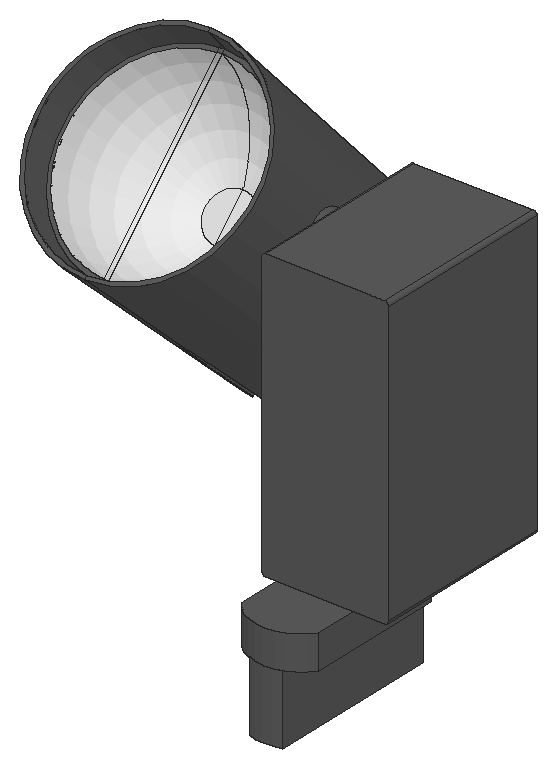
Revit family "0004884 Feilo Sylvania Lighting Fixture START TRACK SPOT S 14W 3K RA90 MB BLACK", category Lighting Fixtures, host Face, Revit 2017 (continued)
Definition of nested family "Start Track Spot Head"
  Types (96, lengths in mm): name | Wattage | built-in parameter 1150134 | Photometric Web File | Model | built-in parameter 1150105 | Lumens | built-in parameter 1150107 | built-in parameter 1150106 | HeadThickness_FEILO | HeadRibOffset_FEILO | HeadRibDepth_FEILO | HeadRibCutWidth_FEILO | HeadRibCutOffset_FEILO | HeadReflectorRadius_FEILO | HeadReflectorOffset_FEILO | HeadLEDRadius_FEILO | HeadHeight_FEILO | HeadDiffusorOffset_FEILO | HeadDiaOut_FEILO | HeadDiaIn_FEILO | HeadAxisFromTop_FEILO | Emit from Circle Diameter | built-in parameter 1150104 | Description | Apparent Load
    0004812 START TRACK SPOT S 14W 3K RA80 MB WHITE | 14 W | (empty or 0) | "0004812.ies" | "START TRACK SPOT S 14W 3K RA80 MB WHITE" | 120.32 (stored number, unit not read) | 1512 lm | 3000 (stored number, unit not read) | 1.2032 (stored number, unit not read) | 1.5 | 4.179 | 55.714 | 7.167 | 50.87 | 50.588 | 55.714 | 9.556 | 117 | 9.435 | 86 | 77.477 | 69.354 | 77.477 | 10.034 (stored number, unit not read) | "Integrated LED spotlight, Textured White - RAL9016, compact and minimalist design, ideal for retail applications, die-cast aluminium body, passive cooling heatsink. Beam angle: 36°, color temperature: 3000K , total system power: 14W, total fixture output: 1508 lm, LOR: 100%, colour rendering: Ra: 80 typical, LED Chromaticity: 3 step MacAdam ellipse, lifetime: >50000 hours at L70B50, energy class: A++, A+, A, IR/UV free light source without heat radiation, operating voltage: 220-240V / 50-60Hz, drive current: 350mA, electronic driver, non-dimmable, power factor: 0.92, electrical protection: Class II, Global Track 3 Phase adapter suitable for Global trac 3-circuit tracks, ingress protection rating: IP20, suitable for internal environment only, horizontal rotation: 355°, vertical tilt: 90°, dimensions: Ø86x140x200, weight: 0.940kg." | 14 VA
    0004811 START TRACK SPOT S 14W 3K RA80 NB WHITE | 14 W | (empty or 0) | "0004811.ies" | "START TRACK SPOT S 14W 3K RA80 NB WHITE" | 123.66 (stored number, unit not read) | 1554 lm | 3000 (stored number, unit not read) | 1.2366 (stored number, unit not read) | 1.5 | 4.179 | 55.714 | 7.167 | 50.87 | 50.588 | 55.714 | 9.556 | 117 | 9.435 | 86 | 77.477 | 69.354 | 77.477 | 10.312 (stored number, unit not read) | "Integrated LED spotlight, Textured White - RAL9016, compact and minimalist design, ideal for retail applications, die-cast aluminium body, passive cooling heatsink. Beam angle: 12°, color temperature: 3000K , total system power: 14W, total fixture output: 1551 lm, LOR: 100%, colour rendering: Ra: 80 typical, LED Chromaticity: 3 step MacAdam ellipse, lifetime: >50000 hours at L70B50, energy class: A++, A+, A, IR/UV free light source without heat radiation, operating voltage: 220-240V / 50-60Hz, drive current: 350mA, electronic driver, non-dimmable, power factor: 0.92, electrical protection: Class II, Global Track 3 Phase adapter suitable for Global trac 3-circuit tracks, ingress protection rating: IP20, suitable for internal environment only, horizontal rotation: 355°, vertical tilt: 90°, dimensions: Ø86x140x200, weight: 0.940kg." | 14 VA
  Reference planes
    plane 1 "Center (Front/Back)": y = 0
    plane 2: z = 0
    plane 3 "Center (Left/Right)": x = 0
    plane 4: x = 43
    plane 5: x = -43
    plane 6: x = -38.739
    plane 7: x = 38.739
    plane 8: z = 69.354
    plane 9: z = -47.646
    plane 10: x = -41.5
    plane 11: x = -37.239
    plane 12: z = -38.211
    plane 13: z = -35.211
    plane 14: z = 8.068
    plane 15: x = -9.556
    plane 16: x = -28.667
    plane 17: x = -19.111
    plane 18: x = -27.167
    plane 19: x = -17.611
    plane 20: x = -8.056
    plane 21: z = 13.64
    plane 22: x = -29.667
    plane 23: x = -26.167
    plane 24: x = -20.111
    plane 25: x = -16.611
    plane 26: x = -10.556
    plane 27: x = -7.056
    plane 28: x = -36.239
    plane 29: x = -40.5
    plane 30: z = 65.175
    plane 31: z = 60.997
    plane 32: z = 56.818
    plane 33: z = 18.484
    plane 34: y = -43
    plane 35: y = 43
    plane 36: y = 3.583
    plane 37: y = -3.583
    plane 38: y = -2.583
    plane 39: y = 2.583
    plane 40: y = 46
    plane 41: z = 13.5
    plane 42: z = -13.5
    plane 43: y = 39
    plane 44: x = 4.708
    plane 45: x = -2.458
    plane 46: x = -1.458
    plane 47: x = 1.458
  Forms (mm)
    Extrusion 1, solid
      sketch origin (4.2, 0, 0) x (1, 0, 0) y (0, 1, 0)
        loop
          line (-1219.2, 1219.2) -> (-1219.2, -1219.2) -> (1219.2, -1219.2) -> (1219.2, 1219.2) -> (-1219.2, 1219.2)
      from 0 to -68.017
    Revolve 2, solid, material <- "Material_1_FEILO", detail levels medium+fine
      sketch origin (0, 0, 0) x (1, 0, 0) y (0, 0, 1)
        loop
          line (-43, -47.646) -> (-41.5, -47.646) -> (-40.5, -35.211) -> (-38.739, -35.211)
          arc (-38.739, -35.211) -> (-30.16, -9.517) -> (-9.556, 8.068) r 50.588
          line (-9.556, 8.068) -> (0, 8.068) -> (0, 13.64) -> (-16.611, 13.64) -> (-17.611, 60.997) -> (-19.111, 60.997) -> (-20.111, 13.64) -> (-36.239, 13.64) -> (-37.239, 69.354) -> (-38.739, 69.354) -> (-43, -47.646)
        axis (0, 69.354) -> (0, -47.646)
      angle from 360 to 0
    Extrusion 3, void
      sketch origin (0, 0, 0) x (0, 1, 0) y (0, 0, 1)
        loop
          line (-3.583, 69.354) -> (-2.583, 18.484) -> (1.932, 18.484) -> (2.932, 69.354) -> (-3.583, 69.354)
      from 43 to -43
    Revolve 4, solid, material <- "Material_2_FEILO", detail levels medium+fine
      sketch origin (0, 0, 0) x (1, 0, 0) y (0, 0, 1)
        loop
          line (-41.5, -38.211) -> (0, -38.211) -> (0, -35.211) -> (-41.5, -35.211) -> (-41.5, -38.211)
        axis (0, -35.211) -> (0, -38.211)
      angle from 360 to 0
    Revolve 5, solid, material <- "Material_1_FEILO"
      sketch origin (0, 0, 0) x (0, 1, 0) y (0, 0, 1)
        loop
          line (46, 0) -> (39, 0) -> (39, -13.5) -> (46, -13.5) -> (46, 0)
        axis (39, 0) -> (46, 0)
      angle from 360 to 0
    Revolve 6, solid, material <- "Material_1_FEILO", detail levels medium+fine
      sketch origin (0, 0, 0) x (1, 0, 0) y (0, 0, 1)
        loop
          line (-29.667, 13.64) -> (-26.167, 13.64) -> (-27.167, 65.175) -> (-28.667, 65.175) -> (-29.667, 13.64)
        loop
          line (-10.556, 13.64) -> (-7.056, 13.64) -> (-7.833, 56.818) -> (-9.778, 56.818) -> (-10.556, 13.64)
        axis (0, 65.175) -> (0, 13.64)
      angle from 360 to 0
    Extrusion 7, void
      sketch origin (0, 0, 0) x (1, 0, 0) y (0, 0, 1)
        loop
          line (4.708, 69.354) -> (-2.458, 69.354) -> (-1.458, 13.64) -> (1.458, 13.64) -> (4.708, 69.354)
      from -43 to 43
    Revolve 8, solid, material <- "Material_1_FEILO", detail levels coarse
      sketch origin (0, 0, 0) x (1, 0, 0) y (0, 0, 1)
        loop
          line (0, 69.354) -> (-38.739, 69.354) -> (-43, -47.646) -> (-41.5, -47.646) -> (-40.731, -38.211) -> (0, -38.211) -> (0, 69.354)
        axis (0, 69.354) -> (0, -47.646)
      angle from 360 to 0
  Cuts and joins
    Extrusion 3 cuts Revolve 2
    Extrusion 7 cuts Revolve 6
  Dimensions and locks
    equal spacing: plane 7, plane 3 "Center (Left/Right)", plane 6
    equal spacing: plane 4, plane 3 "Center (Left/Right)", plane 5
    "HeadDiaOut_FEILO": plane 4 to plane 5
    "HeadDiaIn_FEILO": plane 7 to plane 6
    "HeadHeight_FEILO": plane 8 to plane 9
    "HeadThickness_FEILO": plane 10 to plane 5
    "HeadThickness_FEILO": plane 11 to plane 6
    "HeadDiffusorOffset_FEILO": plane 12 to plane 9
    "HeadDiffusorThickness_FEILO": plane 13 to plane 12
    "HeadReflectorOffset_FEILO": plane 14 to plane 9
    "HeadLEDRadius_FEILO": plane 3 "Center (Left/Right)" to plane 15
    "HeadLEDRadius_FEILO": plane 15 to plane 17
    "HeadLEDRadius_FEILO": plane 17 to plane 16
    "HeadThickness_FEILO": plane 18 to plane 16
    "HeadThickness_FEILO": plane 19 to plane 17
    "HeadThickness_FEILO": plane 20 to plane 15
    "HeadRibDepth_FEILO": plane 8 to plane 21
    "HeadDraft_FEILO": plane 16 to plane 22
    "HeadDraft_FEILO": plane 23 to plane 18
    "HeadDraft_FEILO": plane 17 to plane 24
    "HeadDraft_FEILO": plane 25 to plane 19
    "HeadDraft_FEILO": plane 15 to plane 26
    "HeadDraft_FEILO": plane 27 to plane 20
    "HeadDraft_FEILO": plane 29 to plane 10
    "HeadDraft_FEILO": plane 28 to plane 11
    "HeadRibOffset_FEILO": plane 8 to plane 30
    "HeadRibOffset_FEILO": plane 30 to plane 31
    "HeadRibOffset_FEILO": plane 31 to plane 32
    "HeadAxisFromTop_FEILO": plane 8 to plane 2
    "HeadRibCutOffset_FEILO": plane 8 to plane 33
    equal spacing: plane 34, plane 1 "Center (Front/Back)", plane 35
    "HeadDiaOut_FEILO": plane 34 to plane 35
    equal spacing: plane 38, plane 1 "Center (Front/Back)", plane 39
    equal spacing: plane 37, plane 1 "Center (Front/Back)", plane 36
    "HeadRibCutWidth_FEILO": plane 37 to plane 36
    "HeadDraft_FEILO": plane 37 to plane 38
    locked: plane 35 to plane 40 at 3
    equal spacing: plane 41, plane 2, plane 42
    locked: plane 42 to plane 41 at 27
    locked: plane 43 to plane 35 at 4
    equal spacing: plane 45, imposter light, plane 44
    "HeadDraft_FEILO": plane 46 to plane 45
    "HeadRibCutWidth_FEILO": plane 44 to plane 45
    equal spacing: plane 47, plane 3 "Center (Left/Right)", plane 46
    "HeadReflectorRadius_FEILO": radius of Revolve 2 sketch curve
    aligned and locked: plane 2 to Extrusion 1
    aligned and locked: level to Extrusion 1
    aligned and locked: Revolve 2 sketch curve to plane 3 "Center (Left/Right)"  (x2)
    aligned and locked: plane 9 to Revolve 2 sketch curve  (x2)
    aligned and locked: plane 5 to Revolve 2 sketch curve
    aligned and locked: plane 10 to Revolve 2 sketch curve
    aligned and locked: plane 14 to Revolve 2 sketch curve
    aligned and locked: plane 8 to Revolve 2 sketch curve
    aligned and locked: Revolve 2 sketch curve to plane 13
    aligned and locked: plane 12 to Revolve 4 sketch curve
    aligned and locked: plane 3 "Center (Left/Right)" to Revolve 4 sketch curve
    aligned and locked: Revolve 4 sketch curve to plane 10
    aligned and locked: Revolve 4 sketch curve to plane 3 "Center (Left/Right)"
    aligned and locked: plane 12 to imposter light
    aligned and locked: imposter light to plane 1 "Center (Front/Back)"
    aligned and locked: Revolve 5 sketch curve to plane 2
    aligned and locked: plane 43 to Revolve 5 sketch curve
    aligned and locked: plane 42 to Revolve 5 sketch curve
    aligned and locked: Revolve 6 sketch curve to plane 3 "Center (Left/Right)"
    aligned and locked: plane 22 to Revolve 6 sketch curve
    aligned and locked: plane 30 to Revolve 6 sketch curve
    aligned and locked: plane 23 to Revolve 6 sketch curve
    aligned and locked: Revolve 6 sketch curve to plane 21  (x2)
    aligned and locked: plane 21 to Revolve 6 sketch curve
    aligned and locked: plane 17 to Revolve 2 sketch curve
    aligned and locked: plane 19 to Revolve 2 sketch curve
    aligned and locked: plane 31 to Revolve 2 sketch curve
    aligned and locked: plane 21 to Revolve 2 sketch curve
    aligned and locked: Extrusion 3 to plane 8
    aligned and locked: plane 33 to Extrusion 3
    aligned and locked: plane 8 to Extrusion 3 sketch curve
    aligned and locked: Extrusion 3 sketch curve to plane 33
    aligned and locked: Extrusion 3 to plane 5
    aligned and locked: plane 4 to Extrusion 3
    aligned and locked: plane 32 to Revolve 6 sketch curve
    aligned and locked: plane 44 to Extrusion 7 sketch curve
    aligned and locked: Extrusion 7 sketch curve to plane 8
    aligned and locked: plane 46 to Extrusion 7 sketch curve
    aligned and locked: plane 21 to Extrusion 7 sketch curve
    aligned and locked: plane 34 to Extrusion 7
    aligned and locked: Extrusion 7 to plane 35
    aligned and locked: Revolve 4 sketch curve to plane 13
    aligned and locked: Revolve 5 sketch curve to plane 40
    aligned and locked: Revolve 8 sketch curve to plane 3 "Center (Left/Right)"
    aligned and locked: Revolve 8 sketch curve to cut or joined group of Revolve 2, Extrusion 3  (x3)
    aligned and locked: plane 5 to Revolve 8 sketch curve
    aligned and locked: plane 3 "Center (Left/Right)" to Revolve 8 sketch curve
    aligned and locked: plane 12 to Revolve 8 sketch curve
  Automatic sketch dimensions
    Extrusion 1 sketch curve to Extrusion 1 sketch curve = 2438.4 mm  (x2)
    Extrusion 3 sketch curve to plane 37 = 0 mm
    Extrusion 3 sketch curve to plane 38 = 0 mm
    plane 39 to Extrusion 3 sketch curve = 0.651 mm
    Extrusion 3 sketch curve to plane 39 = 0.349 mm
    Revolve 6 sketch curve to plane 16 = 0 mm
    Revolve 6 sketch curve to plane 18 = 0 mm
    Revolve 6 sketch curve to plane 26 = 0 mm
    Revolve 6 sketch curve to plane 27 = 0 mm
    Revolve 6 sketch curve to plane 15 = 0.222 mm
    plane 9 to Revolve 6 sketch curve = 559.103 mm
    Revolve 6 sketch curve to plane 8 = 2535.555 mm
    plane 20 to Revolve 6 sketch curve = 0.222 mm
    Revolve 2 sketch curve to plane 29 = 0 mm
    Revolve 2 sketch curve to plane 6 = 0 mm  (x2)
    Revolve 2 sketch curve to plane 11 = 0 mm
    Revolve 2 sketch curve to plane 21 = 0 mm
    Revolve 2 sketch curve to plane 28 = 0 mm
    Revolve 2 sketch curve to plane 24 = 0 mm
    Revolve 2 sketch curve to plane 25 = 0 mm
    Revolve 2 sketch curve to plane 15 = 0 mm
    Revolve 2 sketch curve to Revolve 2 sketch curve = 557.155 mm
    Revolve 2 sketch curve to plane 8 = 2535.558 mm
    Extrusion 7 sketch curve to plane 45 = 0 mm
    Extrusion 7 sketch curve to plane 47 = 0 mm
    plane 9 to Revolve 4 sketch curve = 559.103 mm
    Revolve 4 sketch curve to plane 8 = 2535.555 mm
    Revolve 5 sketch curve to level = 0 mm
    plane 34 to Revolve 5 sketch curve = 1968.092 mm
    Revolve 5 sketch curve to plane 40 = 1405.763 mm
    Revolve 8 sketch curve to plane 6 = 0 mm
    Revolve 8 sketch curve to plane 29 = 0.231 mm
    plane 9 to Revolve 8 sketch curve = 559.103 mm
    Revolve 8 sketch curve to Revolve 8 sketch curve = 2535.555 mm
Definition of nested family "Start Track Spot Box"
  Parameters (values of type "Type Large White")
    URL = "http://www.feilosylvania.com"
    Type Image = (empty or 0)
    Type Comments = "n/a"
    Small_FEILO = no
    Material_3_FEILO = none
    Model = ""
    Manufacturer = "Feilo Sylvania"
    Keynote = ""
    Material_2_FEILO = none
    Description = ""
    Default Elevation = 1219.2 mm
    Cost = 0
    Material_1_FEILO = none
    BoxWidth_FEILO = 49 mm
    BoxStartAngle_FEILO [instance] = 0.00°
    BoxRadius_FEILO = 1.5 mm
    BoxHeight_FEILO = if(Small_FEILO, 112 mm, 136 mm)  # 136 mm
    BoxEndAngle_FEILO [instance] = BoxStartAngle_FEILO - 180.00°  # -180.00°
    BoxDepth_FEILO = if(Small_FEILO, 71.5 mm, 79 mm)  # 79 mm
    BoxAxisVerticalOffset_FEILO = 16 mm
    BoxAxisOffset_FEILO = BoxHeight_FEILO / 6.8  # 20 mm
    Assembly Code = ""
    Material_4_FEILO = none
  Types (4, lengths in mm): name | Small_FEILO | BoxHeight_FEILO | BoxDepth_FEILO | BoxAxisOffset_FEILO
    Type Large White | no | 136 | 79 | 20
    Type Small White | yes | 112 | 71.5 | 16.471
    Type Small Black | yes | 112 | 71.5 | 16.471
    Type Large Black | no | 136 | 79 | 20
  Reference planes
    plane 1 "Center (Front/Back)": y = 0
    plane 2: z = 0
    plane 3 "Center (Left/Right)": x = 0
    plane 4: x = 24.5
    plane 5: x = -24.5
    plane 6: y = 68
    plane 7: y = -68
    plane 8: z = 39.5
    plane 9: z = -39.5
    plane 10: y = -48
    plane 11: x = 30.5
    plane 12: x = 8.5
    plane 13: x = 21.5
    plane 14: y = 70
    plane 15: y = 72
    plane 16: x = 19.5
  Forms (mm)
    Extrusion 1, solid
      sketch origin (4.2, 0, 0) x (1, 0, 0) y (0, 1, 0)
        loop
          line (-1219.2, 1219.2) -> (-1219.2, -1219.2) -> (1219.2, -1219.2) -> (1219.2, 1219.2) -> (-1219.2, 1219.2)
      from 0 to -68.017
    Extrusion 2, solid, material <- "Material_1_FEILO"
      sketch origin (0, 0, 0) x (1, 0, 0) y (0, 1, 0)
        loop
          arc (-23, 68) -> (-24.061, 67.561) -> (-24.5, 66.5) r 1.5
          line (-24.5, 66.5) -> (-24.5, -66.5)
          arc (-24.5, -66.5) -> (-24.061, -67.561) -> (-23, -68) r 1.5
          line (-23, -68) -> (23, -68)
          arc (23, -68) -> (24.061, -67.561) -> (24.5, -66.5) r 1.5
          line (24.5, -66.5) -> (24.5, 66.5)
          arc (24.5, 66.5) -> (24.061, 67.561) -> (23, 68) r 1.5
          line (23, 68) -> (-23, 68)
      from -39.5 to 39.5
    Revolve 3, solid, not visible
      sketch origin (0, 0, 0) x (1, 0, 0) y (0, 1, 0)
        loop
          line (30.5, -48) -> (24.5, -48) -> (24.5, -68) -> (30.5, -68) -> (30.5, -48)
        axis (30.5, -48) -> (24.5, -48)
      angle from 0 <- "BoxStartAngle_FEILO" to -180 <- "BoxEndAngle_FEILO"
    Revolve 4, solid, material <- "Material_2_FEILO"
      sketch origin (0, 0, 0) x (1, 0, 0) y (0, 1, 0)
        loop
          line (8.5, 68) -> (19.5, 68) -> (19.5, 70) -> (21.5, 70) -> (21.5, 72) -> (8.5, 72) -> (8.5, 68)
        axis (8.5, 72) -> (8.5, 68)
      angle from 360 to 0
  Dimensions and locks
    equal spacing: plane 5, plane 3 "Center (Left/Right)", plane 4
    "BoxWidth_FEILO": plane 5 to plane 4
    equal spacing: plane 7, plane 1 "Center (Front/Back)", plane 6
    "BoxHeight_FEILO": plane 7 to plane 6
    equal spacing: plane 8, plane 2, plane 9
    "BoxDepth_FEILO": plane 8 to plane 9
    "BoxAxisOffset_FEILO": plane 7 to plane 10
    locked: plane 4 to plane 11 at 6
    "BoxAxisVerticalOffset_FEILO": plane 12 to plane 4
    locked: plane 12 to plane 13 at 13
    plane 6 to plane 14 to plane 15 = 2 mm locked, 2 mm locked
    locked: plane 12 to plane 16 at 11
    "BoxRadius_FEILO": radius of Extrusion 2 sketch curve  (x4)
    aligned and locked: plane 2 to Extrusion 1
    aligned and locked: level to Extrusion 1
    aligned and locked: plane 6 to Extrusion 2 sketch curve
    aligned and locked: plane 5 to Extrusion 2 sketch curve
    aligned and locked: Extrusion 2 sketch curve to plane 7
    aligned and locked: Extrusion 2 sketch curve to plane 4
    aligned and locked: Extrusion 2 to plane 8
    aligned and locked: plane 9 to Extrusion 2
    aligned and locked: Revolve 3 sketch curve to plane 10  (x2)
    aligned and locked: plane 11 to Revolve 3 sketch curve
    aligned and locked: Revolve 3 sketch curve to plane 4
    aligned and locked: plane 7 to Revolve 3 sketch curve
    aligned and locked: Revolve 4 sketch curve to plane 12
    aligned and locked: plane 6 to Revolve 4 sketch curve
    aligned and locked: plane 12 to Revolve 4 sketch curve
    aligned and locked: plane 15 to Revolve 4 sketch curve
    aligned and locked: Revolve 4 sketch curve to plane 13
    aligned and locked: Revolve 4 sketch curve to plane 14
    aligned and locked: Revolve 4 sketch curve to plane 16
    aligned and locked: Revolve 4 sketch curve to plane 6
  Automatic sketch dimensions
    Extrusion 1 sketch curve to Extrusion 1 sketch curve = 2438.4 mm  (x2)
    Revolve 3 sketch curve to plane 5 = 1499.5 mm
    plane 11 to Revolve 3 sketch curve = 1493.5 mm
    plane 15 to Revolve 4 sketch curve = 0 mm
    plane 7 to Revolve 4 sketch curve = 1456 mm
    Revolve 4 sketch curve to plane 15 = 1452 mm
